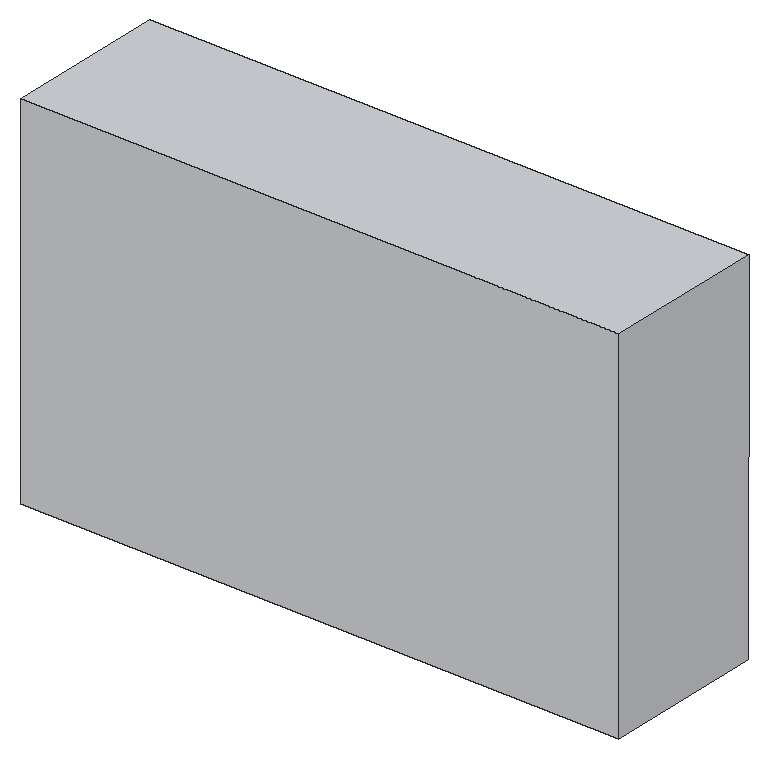
Revit family "Sub-Board", category Electrical Equipment, Revit 2025
Family settings
  Panel Configuration = Two Columns, Circuits Across
  Round Connector Dimension = Use Diameter
  Part Type = Panelboard
  OmniClass Number = 23.80.30.11.17
  OmniClass Title = Distribution Boards and Control Panels
  Work Plane-Based = No
  Always vertical = Yes
  Cut with Voids When Loaded = No
  Maintain Annotation Orientation = No
  Shared = No
  Room Calculation Point = No
Parameters
  built-in parameter 1140142 [instance] = -1
  built-in parameter 1140140 [instance] = 1 (stored number, unit not read)
  built-in parameter 1155100 [instance] = -1
  Default Elevation = 0 mm
Reference planes
  plane 1 "Center (Front/Back)": y = 0
  plane 2: z = 0
  plane 3 "Center (Left/Right)": x = 0
Forms (mm)
  Extrusion 1, solid
    sketch origin (0, 0, 0) x (1, 0, 0) y (0, 0, 1)
      loop
        line (0, 1280) -> (360, 1280) -> (360, 1498.139) -> (0, 1498.139) -> (0, 1280)
    from 0 to 97
Dimensions and locks
  aligned and locked: level to plane 2
